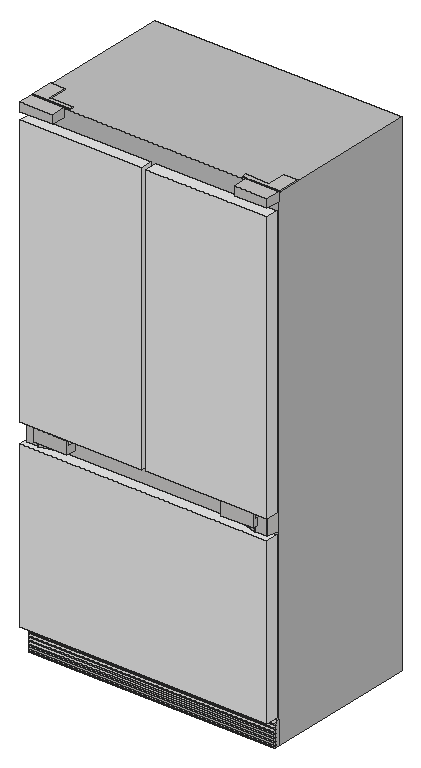
Revit family "FP-Revit20-RS90A1-FrenchDoorFridgeFreezer-0-90005038A-NZ-AU-UK-IE-EU-CN-ASIA", category Specialty Equipment, Revit 2020
Family settings
  Round Connector Dimension = Use Diameter
  Part Type = Normal
  OmniClass Number = 23.40.40.11.11.17
  OmniClass Title = Refrigerator-Freezer
  Work Plane-Based = No
  Always vertical = Yes
  Cut with Voids When Loaded = Yes
  Shared = No
  Room Calculation Point = No
Parameters
  Visibility - Visibility Control Note = yes
  Visibility - Clearance Required = yes
  URL = "www.fisherpaykel.com"
  Stainless Steel Door Panels (RD90A) = no
  Product - Width = 906 mm  # constant formula
  Product - Height = 1798 mm  # constant formula
  Product - Depth = 604 mm  # constant formula
  Model = "RS90AJ1"
  Material - Trim = Fisher & Paykel - Stainless Steel
  Material - Rollers and Feet = Fisher & Paykel - Black
  Material - Door Structure = Fisher & Paykel - White
  Material - Door Front = Fisher & Paykel - Stainless Steel
  Material - Connections = Fisher & Paykel - Black
  Material - Body = Fisher & Paykel - Grey
  Manufacturer = "Fisher & Paykel Appliances"
  Handle Style - Contemporary Square Fine Black (AHD5RD90AB) = no
  Handle Style - Contemporary Square Fine (AHD5RD90A) = no
  Handle Style - Contemporary Square (RS90A) = no
  Handle Style - Contemporary Round (25329 AHS-ASBI-A) = no
  Description = "90cm Integrated French Door Refrigerator Freezer"
  Default Elevation = 0 mm
  Connector Description - Electrical = "230 V, 10 A, fused electrical supply"
  Chassis - Width = 890 mm  # constant formula
  Chassis - Height = 1788 mm  # constant formula
  Chassis - Depth = 561.4 mm  # constant formula
  Cavity - Width = 914 mm  # constant formula
  Cavity - Height = 1800 mm  # constant formula
  Cavity - Depth = 650 mm  # constant formula
Reference planes
  plane 1 "Center (Front/Back)": y = 0
  plane 2: z = 0
  plane 3 "Center (Left/Right)": x = 0
  plane 4 "Product LHS": x = -453
  plane 5 "Product RHS": x = 453
  plane 6 "Cavity - Depth": y = 650
  plane 7 "Cavity LHS": x = -457
  plane 8 "Cavity RHS": x = 457
  plane 9 "Product - Depth": y = 622
  plane 10 "Product Height": z = 1798
  plane 11 "Cavity Height": z = 1800
  plane 12 "Datum": y = 18
Forms (mm)
  Extrusion 1, solid, material "Fisher & Paykel - Grey" <- "Material - Body"
    sketch origin (0, 0, 0) x (0, 1, 0) y (0, 0, 1)
      loop
        line (68.89, 6.6) -> (622, 6.6) -> (622, 1794.6) -> (68.89, 1794.6) -> (68.89, 6.6)
    from -445 to 445
  Extrusion 2, solid, material "Fisher & Paykel - Black" <- "Material - Rollers and Feet"
    sketch origin (0, 0, -4) x (0, 1, 0) y (0, 0, 1)
      loop
        arc (120.09, 10.6) -> (136.133, 4) -> (152.177, 10.6) r 22.8
        line (152.177, 10.6) -> (120.09, 10.6)
      loop
        arc (555.39, 10.6) -> (571.433, 4) -> (587.477, 10.6) r 22.8
        line (587.477, 10.6) -> (555.39, 10.6)
    from 402 to 429
  Extrusion 3, solid, material "Fisher & Paykel - Clearance Required", visible <- "Visibility - Clearance Required", detail levels coarse
    sketch origin (0, 0, 0) x (0, 1, 0) y (0, 0, 1)
      loop
        line (-0.043, 696.43) -> (-359.921, 696.43) -> (-359.921, 631.801) -> (-401.921, 631.801) -> (-401.921, 615.801) -> (-359.921, 615.801) -> (-359.921, 100.03) -> (-0.043, 100.03) -> (-0.043, 696.43)
    from -453 to 453
  Extrusion 4, solid, material "Fisher & Paykel - White" <- "Material - Door Structure"
    sketch origin (0, 0, 0) x (1, 0, 0) y (0, 0, 1)
      loop
        line (-7.74, 1737.6) -> (-445, 1737.6) -> (-445, 763.6) -> (-7.74, 763.6) -> (-7.74, 1737.6)
      loop
        line (7.74, 1737.6) -> (7.74, 763.6) -> (445, 763.6) -> (445, 1737.6) -> (7.74, 1737.6)
      loop
        line (-445, 693.1) -> (-445, 101.1) -> (445, 101.1) -> (445, 693.1) -> (-445, 693.1)
    from -60.6 to -18
  Extrusion 5, solid, material "Fisher & Paykel - White" <- "Material - Door Structure"
    sketch origin (0, 0, 0) x (1, 0, 0) y (0, 0, 1)
      loop
        line (-434.6, 685.2) -> (-434.6, 109) -> (434.6, 109) -> (434.6, 685.2) -> (-434.6, 685.2)
      loop
        line (-13.88, 776) -> (-13.88, 1722.7) -> (-434.58, 1722.7) -> (-434.58, 776) -> (-13.88, 776)
      loop
        line (13.88, 776) -> (434.58, 776) -> (434.58, 1722.7) -> (13.88, 1722.7) -> (13.88, 776)
    from -68.89 to -60.552
  Extrusion 6, solid, material "Fisher & Paykel - Stainless Steel" <- "Material - Trim"
    sketch origin (0, -2, 0) x (1, 0, 0) y (0, 1, 0)
      loop
        line (-441.5, 70.89) -> (-434.782, 36.328)
        arc (-434.782, 36.328) -> (-433.745, 34.585) -> (-431.837, 33.9) r 3
        line (-431.837, 33.9) -> (-393.733, 33.9)
        arc (-393.733, 33.9) -> (-391.738, 34.034) -> (-389.779, 34.431) r 15
        line (-389.779, 34.431) -> (-320.032, 53.491) -> (320.032, 53.491) -> (389.779, 34.431)
        arc (389.779, 34.431) -> (391.738, 34.034) -> (393.733, 33.9) r 15
        line (393.733, 33.9) -> (431.837, 33.9)
        arc (431.837, 33.9) -> (433.745, 34.585) -> (434.782, 36.328) r 3
        line (434.782, 36.328) -> (441.5, 70.89) -> (-441.5, 70.89)
    from 696.967 to 759.03
  Extrusion 7, solid, material "Fisher & Paykel - Stainless Steel" <- "Material - Trim"
    sketch origin (0, -2, 0) x (0, 1, 0) y (0, 0, 1)
      loop
        line (20, 762.6) -> (20, 715.3) -> (70.89, 715.3) -> (70.89, 743.6) -> (25, 743.6) -> (25, 762.6) -> (20, 762.6)
    from 276.67 to 395
  Extrusion 8, solid, material "Fisher & Paykel - Stainless Steel" <- "Material - Trim"
    sketch origin (0, -2, 0) x (0, 1, 0) y (0, 0, -1)
      loop
        line (20, -762.6) -> (25, -762.6) -> (25, -743.6) -> (70.89, -743.6) -> (70.89, -715.3) -> (20, -715.3) -> (20, -762.6)
    from 276.67 to 395
  Extrusion 9, solid, material "Fisher & Paykel - Stainless Steel" <- "Material - Trim"
    sketch origin (0, 0, 0) x (1, 0, 0) y (0, 1, 0)
      loop
        line (-327.17, 18) -> (-327.17, 68.89) -> (-445, 68.89) -> (-445, 18) -> (-327.17, 18)
      loop
        line (445, 18) -> (445, 68.89) -> (327.17, 68.89) -> (327.17, 18) -> (445, 18)
    from 1765.6 to 1797.6
  Extrusion 10, solid, material "Fisher & Paykel - Stainless Steel" <- "Material - Trim", detail levels fine
    sketch origin (0, 0, 0) x (1, 0, 0) y (0, 1, 0)
      loop
        line (-445, 154.61) -> (-445, 73.11) -> (-311.45, 73.11) -> (-311.45, 88.11) -> (-394, 88.11) -> (-394, 154.61) -> (-445, 154.61)
      loop
        line (445, 154.61) -> (394.85, 154.61) -> (394.85, 88.11) -> (311.45, 88.11) -> (311.45, 73.11) -> (445, 73.11) -> (445, 154.61)
    from 1794.6 to 1797.6
  Extrusion 11, solid, material "Fisher & Paykel - Black" <- "Material - Rollers and Feet", detail levels fine
    sketch origin (0, 0, -4) x (0, 1, 0) y (0, 0, -1)
      loop
        line (120.09, -10.6) -> (152.177, -10.6)
        arc (152.177, -10.6) -> (136.133, -4) -> (120.09, -10.6) r 22.8
      loop
        line (555.39, -10.6) -> (587.477, -10.6)
        arc (587.477, -10.6) -> (571.433, -4) -> (555.39, -10.6) r 22.8
    from 402 to 429
  Extrusion 12, solid, material "Fisher & Paykel - Stainless Steel" <- "Material - Trim", detail levels fine
    sketch origin (0, -2, 0) x (0, 1, 0) y (0, 0, 1)
      loop
        line (24.91, 101.1) -> (24.91, 94.1) -> (50.15, 94.1) -> (50.15, 101.1) -> (24.91, 101.1)
    from -20.67 to 20.7
  Extrusion 13, solid, material "Fisher & Paykel - Stainless Steel" <- "Material - Trim", detail levels fine
    sketch origin (0, -2, 0) x (0, 1, 0) y (0, 0, 1)
      loop
        line (70.89, 90.613) -> (53.491, 85.951) -> (53.491, 81.639) -> (61.43, 81.639) -> (61.43, 75.465) -> (53.491, 73.338) -> (53.491, 69.031) -> (61.43, 69.031) -> (61.43, 62.857) -> (53.491, 60.73) -> (53.491, 56.423) -> (61.43, 56.423) -> (61.43, 50.254) -> (53.491, 48.127) -> (53.491, 43.821) -> (61.43, 43.821) -> (61.43, 37.652) -> (53.491, 35.525) -> (53.491, 31.218) -> (61.43, 31.218) -> (61.43, 25.049) -> (53.491, 22.922) -> (53.491, 18.585) -> (61.43, 18.585) -> (61.43, 12.447) -> (53.491, 10.32) -> (53.491, 6.6) -> (70.89, 6.6) -> (70.89, 90.613)
    from -445 to 445
  Extrusion 14, solid, material "Fisher & Paykel - Stainless Steel" <- "Material - Trim", detail levels coarse+medium
    sketch origin (0, -2, 0) x (0, 1, 0) y (0, 0, 1)
      loop
        line (70.89, 90.613) -> (53.491, 85.951) -> (53.491, 6.6) -> (70.89, 6.6) -> (70.89, 90.613)
    from -445 to 445
  Extrusion 15, void
    sketch origin (0, -2000, 0) x (1, 0, 0) y (0, 1, 0)
      loop
        line (-386.5, 2622) -> (-386.5, 2068.89) -> (386.5, 2068.89) -> (386.5, 2622) -> (-386.5, 2622)
    from 6.6 to 56.423
  Extrusion 16, solid, material "Fisher & Paykel - Stainless Steel" <- "Material - Door Front", visible <- "Stainless Steel Door Panels (RD90A)"
    sketch origin (0, 0, 0) x (1, 0, 0) y (0, 0, 1)
      loop
        line (-453, 696.43) -> (-453, 100.03) -> (453, 100.03) -> (453, 696.43) -> (-453, 696.43)
      loop
        line (-453, 700.43) -> (-2, 700.43) -> (-2, 1796.43) -> (-453, 1796.43) -> (-453, 700.43)
      loop
        line (2, 1796.43) -> (2, 700.43) -> (453, 700.43) -> (453, 1796.43) -> (2, 1796.43)
    from -18 to 0.043
  Extrusion 17, void
    sketch origin (0, -2, 0) x (1, 0, 0) y (0, 1, 0)
      loop
        arc (445, 57.948) -> (443.695, 54.796) -> (440.543, 53.491) r 4.457
        line (440.543, 53.491) -> (445, 53.491) -> (445, 57.948)
      loop
        line (-445, 57.948) -> (-445, 53.491) -> (-440.543, 53.491)
        arc (-440.543, 53.491) -> (-443.695, 54.796) -> (-445, 57.948) r 4.457
    from 6.6 to 100.03
  Extrusion 18, solid, material "Fisher & Paykel - Clearance Required", visible <- "Visibility - Clearance Required", detail levels coarse
    sketch origin (0, 0, 0) x (1, 0, 0) y (0, 1, 0)
      loop
        line (-457, 650) -> (-457, 18) -> (457, 18) -> (457, 650) -> (-457, 650)
    from 0 to 1800
  Extrusion 19, solid, material "Fisher & Paykel - Clearance Required", visible <- "Visibility - Clearance Required", detail levels coarse
    sketch origin (0, 0, 0) x (1, 0, 0) y (0, 1, 0)
      loop
        line (-453, -0.043) -> (-610.872, -338.602) -> (-647.125, -321.697) -> (-653.73, -335.861) -> (-617.477, -352.766) -> (-643.601, -408.788)
        arc (-643.601, -408.788) -> (-210.678, -380.413) -> (-2, -0.043) r 451
        line (-2, -0.043) -> (-453, -0.043)
      loop
        line (453, -0.043) -> (2, -0.043)
        arc (2, -0.043) -> (210.678, -380.413) -> (643.601, -408.788) r 451
        line (643.601, -408.788) -> (617.477, -352.766) -> (653.73, -335.861) -> (647.125, -321.697) -> (610.872, -338.602) -> (453, -0.043)
    from 700.43 to 1800
  Extrusion 20, void
    sketch origin (0, 0, 0) x (1, 0, 0) y (0, 0, 1)
      loop
        line (275, 69.031) -> (275, 200) -> (0, 200) -> (0, 69.031) -> (275, 69.031)
      loop
        circle (225, 135) r 3
      loop
        circle (50, 135) r 3
    from -622 to -620
  Extrusion 21, void
    sketch origin (0, 0, 0) x (1, 0, 0) y (0, 1, 0)
      loop
        line (-457, 650) -> (-457, 0) -> (457, 0) -> (457, 650) -> (-457, 650)
    from 0 to 1800
Cuts and joins
  Extrusion 15, Extrusion 20 cuts Extrusion 1
  Extrusion 17 cuts Extrusion 13
  Extrusion 17 cuts Extrusion 14
  joined: Extrusion 6, Extrusion 7, Extrusion 8
Lines and regions (mm)
  model lines, style "Fisher & Paykel"
    curve 1: line (-453, 18, 1796.43) -> (-2, 18, 1796.43)
    curve 2: line (-453, 18, 700.43) -> (-453, 18, 1796.43)
    curve 3: line (-2, 18, 700.43) -> (-453, 18, 700.43)
    curve 4: line (-2, 18, 1796.43) -> (-2, 18, 700.43)
    curve 5: line (2, 18, 700.43) -> (453, 18, 700.43)
    curve 6: line (2, 18, 1796.43) -> (2, 18, 700.43)
    curve 7: line (453, 18, 1796.43) -> (2, 18, 1796.43)
    curve 8: line (453, 18, 700.43) -> (453, 18, 1796.43)
    curve 9: line (-453, 18, 696.43) -> (453, 18, 696.43)
    curve 10: line (-453, 18, 100.03) -> (-453, 18, 696.43)
    curve 11: line (453, 18, 100.03) -> (-453, 18, 100.03)
    curve 12: line (453, 18, 696.43) -> (453, 18, 100.03)
Text (mm)
  text "Due to ongoing product development, product details are subject to change without notice. \nPlease always refer to www.fisherpaykel.com for the most current product information. \n© Fisher & Paykel 2020" at (41.04, -527.568, 0), in view "Ref. Level (Plan)"
Dimensions and locks
  equal spacing: plane 4 "Product LHS", plane 3 "Center (Left/Right)", plane 5 "Product RHS"
  "Product - Width": plane 4 "Product LHS" to plane 5 "Product RHS"
  "Cavity - Depth": plane 1 "Center (Front/Back)" to plane 6 "Cavity - Depth"
  equal spacing: plane 7 "Cavity LHS", plane 3 "Center (Left/Right)", plane 8 "Cavity RHS"
  "Cavity - Width": plane 7 "Cavity LHS" to plane 8 "Cavity RHS"
  "Product - Height": level to plane 10 "Product Height"
  "Cavity - Height": plane 11 "Cavity Height" to level
  "Chassis - Height": Extrusion 1 to Extrusion 1
  Extrusion 12 to Extrusion 14 = 94.5 mm
  locked: plane 1 "Center (Front/Back)" to plane 12 "Datum" at 18
  "Product - Depth": plane 9 "Product - Depth" to plane 12 "Datum"
  equal spacing: cut or joined group of Extrusion 1, Extrusion 15, Extrusion 20, plane 3 "Center (Left/Right)", cut or joined group of Extrusion 1, Extrusion 15, Extrusion 20  (x2)
  "Chassis - Width": cut or joined group of Extrusion 1, Extrusion 15, Extrusion 20 to cut or joined group of Extrusion 1, Extrusion 15, Extrusion 20
  aligned and locked: level to plane 2
  aligned and locked: Extrusion 17 to Extrusion 2
  aligned and locked: plane 9 "Product - Depth" to Extrusion 1
  aligned and locked: cut or joined group of Extrusion 1, Extrusion 15, Extrusion 20 to Extrusion 13
  aligned and locked: cut or joined group of Extrusion 1, Extrusion 15, Extrusion 20 to Extrusion 14
  aligned and locked: Extrusion 14 to cut or joined group of Extrusion 1, Extrusion 15, Extrusion 20
  aligned and locked: Extrusion 13 to cut or joined group of Extrusion 1, Extrusion 15, Extrusion 20
  aligned and locked: Extrusion 10 sketch curve to cut or joined group of Extrusion 1, Extrusion 15, Extrusion 20
  aligned and locked: Extrusion 4 sketch curve to cut or joined group of Extrusion 1, Extrusion 15, Extrusion 20  (x2)
  aligned and locked: Extrusion 4 sketch curve to Extrusion 4 sketch curve
  aligned and locked: cut or joined group of Extrusion 1, Extrusion 15, Extrusion 20 to Extrusion 4 sketch curve
  aligned and locked: Extrusion 17 sketch curve to cut or joined group of Extrusion 13, Extrusion 17
  aligned and locked: Extrusion 9 to Extrusion 17 sketch curve
  aligned and locked: Extrusion 17 sketch curve to Extrusion 9
  aligned and locked: plane 9 "Product - Depth" to Extrusion 20
Automatic sketch dimensions
  Extrusion 1 sketch curve to plane 9 "Product - Depth" = 0 mm
  level to Extrusion 1 sketch curve = 6.6 mm
  Extrusion 1 sketch curve to plane 12 "Datum" = 50.89 mm
  plane 10 "Product Height" to Extrusion 1 sketch curve = 3.4 mm
  level to Extrusion 2 sketch curve = 6.6 mm  (x2)
  Extrusion 2 sketch curve to plane 12 "Datum" = 102.09 mm
  Extrusion 2 sketch curve to Extrusion 2 sketch curve = 16.044 mm  (x2)
  Extrusion 2 sketch curve to plane 9 "Product - Depth" = 66.61 mm
  level to Extrusion 2 sketch curve = 22.8 mm  (x2)
  plane 1 "Center (Front/Back)" to Extrusion 3 sketch curve = 401.921 mm
  Extrusion 3 sketch curve to Extrusion 3 sketch curve = 42 mm
  level to Extrusion 3 sketch curve = 100.03 mm
  plane 1 "Center (Front/Back)" to Extrusion 3 sketch curve = 359.921 mm
  plane 1 "Center (Front/Back)" to Extrusion 3 sketch curve = 0.043 mm
  Extrusion 3 sketch curve to Extrusion 3 sketch curve = 515.771 mm
  Extrusion 3 sketch curve to Extrusion 3 sketch curve = 16 mm
  Extrusion 3 sketch curve to Extrusion 3 sketch curve = 64.629 mm
  Extrusion 4 sketch curve to plane 3 "Center (Left/Right)" = 7.74 mm
  plane 3 "Center (Left/Right)" to Extrusion 4 sketch curve = 7.74 mm
  level to Extrusion 4 sketch curve = 101.1 mm
  Extrusion 4 sketch curve to Extrusion 4 sketch curve = 592 mm
  Extrusion 4 sketch curve to Extrusion 4 sketch curve = 70.5 mm
  Extrusion 4 sketch curve to Extrusion 4 sketch curve = 0 mm
  plane 10 "Product Height" to Extrusion 4 sketch curve = 60.4 mm  (x2)
  Extrusion 5 sketch curve to plane 4 "Product LHS" = 18.4 mm
  Extrusion 5 sketch curve to plane 4 "Product LHS" = 18.42 mm
  Extrusion 5 sketch curve to plane 3 "Center (Left/Right)" = 13.88 mm
  plane 3 "Center (Left/Right)" to Extrusion 5 sketch curve = 13.88 mm
  plane 5 "Product RHS" to Extrusion 5 sketch curve = 18.42 mm
  plane 5 "Product RHS" to Extrusion 5 sketch curve = 18.4 mm
  level to Extrusion 5 sketch curve = 109 mm
  Extrusion 5 sketch curve to Extrusion 5 sketch curve = 576.2 mm
  Extrusion 5 sketch curve to Extrusion 5 sketch curve = 90.8 mm
  Extrusion 5 sketch curve to Extrusion 5 sketch curve = 0 mm  (x2)
  plane 10 "Product Height" to Extrusion 5 sketch curve = 75.3 mm
  Extrusion 6 sketch curve to plane 4 "Product LHS" = 11.5 mm
  Extrusion 6 sketch curve to plane 4 "Product LHS" = 18.218 mm
  Extrusion 6 sketch curve to Extrusion 6 sketch curve = 2.945 mm  (x2)
  Extrusion 6 sketch curve to plane 12 "Datum" = 13.9 mm
  Extrusion 6 sketch curve to Extrusion 6 sketch curve = 38.104 mm
  Extrusion 6 sketch curve to plane 12 "Datum" = 14.431 mm  (x2)
  Extrusion 6 sketch curve to Extrusion 6 sketch curve = 3.954 mm  (x2)
  Extrusion 6 sketch curve to plane 12 "Datum" = 33.491 mm
  Extrusion 6 sketch curve to Extrusion 6 sketch curve = 69.747 mm
  plane 5 "Product RHS" to Extrusion 6 sketch curve = 132.968 mm
  plane 5 "Product RHS" to Extrusion 6 sketch curve = 63.221 mm
  plane 5 "Product RHS" to Extrusion 6 sketch curve = 21.163 mm
  plane 5 "Product RHS" to Extrusion 6 sketch curve = 11.5 mm
  Extrusion 6 sketch curve to plane 1 "Center (Front/Back)" = 31.9 mm
  Extrusion 6 sketch curve to Extrusion 6 sketch curve = 2.428 mm  (x2)
  Extrusion 6 sketch curve to Extrusion 6 sketch curve = 34.562 mm
  Extrusion 7 sketch curve to plane 12 "Datum" = 0 mm
  Extrusion 7 sketch curve to Extrusion 7 sketch curve = 5 mm
  Extrusion 7 sketch curve to Extrusion 7 sketch curve = 50.89 mm
  level to Extrusion 7 sketch curve = 715.3 mm
  Extrusion 7 sketch curve to Extrusion 7 sketch curve = 28.3 mm
  Extrusion 7 sketch curve to Extrusion 7 sketch curve = 19 mm
  Extrusion 8 sketch curve to plane 12 "Datum" = 0 mm
  Extrusion 8 sketch curve to Extrusion 8 sketch curve = 5 mm
  Extrusion 8 sketch curve to Extrusion 8 sketch curve = 50.89 mm
  level to Extrusion 8 sketch curve = 762.6 mm
  Extrusion 8 sketch curve to Extrusion 8 sketch curve = 19 mm
  Extrusion 8 sketch curve to Extrusion 8 sketch curve = 28.3 mm
  plane 12 "Datum" to Extrusion 9 sketch curve = 0 mm  (x2)
  Extrusion 9 sketch curve to plane 4 "Product LHS" = 8 mm
  Extrusion 9 sketch curve to plane 12 "Datum" = 50.89 mm  (x2)
  Extrusion 9 sketch curve to Extrusion 9 sketch curve = 117.83 mm
  plane 5 "Product RHS" to Extrusion 9 sketch curve = 125.83 mm
  plane 5 "Product RHS" to Extrusion 9 sketch curve = 8 mm
  Extrusion 10 sketch curve to Extrusion 10 sketch curve = 51 mm
  Extrusion 10 sketch curve to Extrusion 10 sketch curve = 82.55 mm
  Extrusion 10 sketch curve to plane 12 "Datum" = 55.11 mm  (x2)
  plane 5 "Product RHS" to Extrusion 10 sketch curve = 141.55 mm
  plane 5 "Product RHS" to Extrusion 10 sketch curve = 58.15 mm
  plane 5 "Product RHS" to Extrusion 10 sketch curve = 8 mm
  Extrusion 10 sketch curve to Extrusion 10 sketch curve = 15 mm  (x2)
  Extrusion 10 sketch curve to Extrusion 10 sketch curve = 66.5 mm  (x2)
  level to Extrusion 11 sketch curve = 6.6 mm  (x2)
  Extrusion 11 sketch curve to plane 12 "Datum" = 102.09 mm
  Extrusion 11 sketch curve to Extrusion 11 sketch curve = 16.044 mm  (x2)
  Extrusion 11 sketch curve to plane 9 "Product - Depth" = 66.61 mm
  level to Extrusion 11 sketch curve = 22.8 mm  (x2)
  Extrusion 12 sketch curve to plane 12 "Datum" = 4.91 mm
  Extrusion 12 sketch curve to Extrusion 12 sketch curve = 25.24 mm
  level to Extrusion 12 sketch curve = 94.1 mm
  Extrusion 12 sketch curve to Extrusion 12 sketch curve = 7 mm
  Extrusion 13 sketch curve to plane 12 "Datum" = 33.491 mm  (x3)
  level to Extrusion 13 sketch curve = 6.6 mm
  Extrusion 13 sketch curve to Extrusion 13 sketch curve = 0 mm  (x8)
  Extrusion 13 sketch curve to Extrusion 13 sketch curve = 7.939 mm  (x2)
  Extrusion 13 sketch curve to Extrusion 13 sketch curve = 9.46 mm
  Extrusion 13 sketch curve to Extrusion 13 sketch curve = 3.72 mm
  Extrusion 13 sketch curve to Extrusion 13 sketch curve = 2.127 mm
  Extrusion 13 sketch curve to Extrusion 13 sketch curve = 8.266 mm
  Extrusion 13 sketch curve to Extrusion 13 sketch curve = 4.337 mm
  Extrusion 13 sketch curve to Extrusion 13 sketch curve = 6.464 mm
  Extrusion 13 sketch curve to Extrusion 13 sketch curve = 6.169 mm  (x3)
  Extrusion 13 sketch curve to Extrusion 13 sketch curve = 4.306 mm  (x4)
  Extrusion 13 sketch curve to Extrusion 13 sketch curve = 6.433 mm  (x4)
  Extrusion 13 sketch curve to Extrusion 13 sketch curve = 6.175 mm  (x2)
  Extrusion 13 sketch curve to Extrusion 13 sketch curve = 4.312 mm
  Extrusion 13 sketch curve to Extrusion 13 sketch curve = 8.974 mm
  Extrusion 14 sketch curve to plane 12 "Datum" = 33.491 mm
  level to Extrusion 14 sketch curve = 6.6 mm
  Extrusion 14 sketch curve to Extrusion 14 sketch curve = 17.399 mm
  Extrusion 14 sketch curve to Extrusion 14 sketch curve = 79.351 mm
  Extrusion 14 sketch curve to Extrusion 14 sketch curve = 4.662 mm
  Extrusion 15 sketch curve to plane 9 "Product - Depth" = 0 mm
  Extrusion 15 sketch curve to plane 4 "Product LHS" = 66.5 mm
  plane 5 "Product RHS" to Extrusion 15 sketch curve = 66.5 mm
  Extrusion 15 sketch curve to plane 12 "Datum" = 50.89 mm
  plane 4 "Product LHS" to Extrusion 16 sketch curve = 0 mm  (x2)
  plane 5 "Product RHS" to Extrusion 16 sketch curve = 0 mm  (x2)
  Extrusion 16 sketch curve to plane 3 "Center (Left/Right)" = 2 mm
  plane 3 "Center (Left/Right)" to Extrusion 16 sketch curve = 2 mm
  level to Extrusion 16 sketch curve = 100.03 mm
  Extrusion 16 sketch curve to Extrusion 16 sketch curve = 596.4 mm
  Extrusion 16 sketch curve to Extrusion 16 sketch curve = 4 mm
  Extrusion 16 sketch curve to Extrusion 16 sketch curve = 0 mm
  plane 10 "Product Height" to Extrusion 16 sketch curve = 1.57 mm  (x2)
  Extrusion 17 sketch curve to Extrusion 17 sketch curve = 4.457 mm  (x2)
  Extrusion 17 sketch curve to plane 12 "Datum" = 33.491 mm
  Extrusion 18 sketch curve to plane 7 "Cavity LHS" = 0 mm
  Extrusion 18 sketch curve to plane 8 "Cavity RHS" = 0 mm
  plane 12 "Datum" to Extrusion 18 sketch curve = 0 mm
  plane 6 "Cavity - Depth" to Extrusion 18 sketch curve = 0 mm
  Extrusion 19 sketch curve to plane 4 "Product LHS" = 0 mm  (x2)
  Extrusion 19 sketch curve to plane 5 "Product RHS" = 0 mm  (x2)
  plane 7 "Cavity LHS" to Extrusion 19 sketch curve = 153.872 mm
  Extrusion 19 sketch curve to Extrusion 19 sketch curve = 6.605 mm  (x3)
  Extrusion 19 sketch curve to Extrusion 19 sketch curve = 26.124 mm
  Extrusion 19 sketch curve to Extrusion 19 sketch curve = 36.252 mm  (x2)
  plane 1 "Center (Front/Back)" to Extrusion 19 sketch curve = 0.043 mm  (x2)
  Extrusion 19 sketch curve to plane 3 "Center (Left/Right)" = 2 mm
  plane 3 "Center (Left/Right)" to Extrusion 19 sketch curve = 2 mm
  Extrusion 19 sketch curve to plane 8 "Cavity RHS" = 153.872 mm
  plane 1 "Center (Front/Back)" to Extrusion 19 sketch curve = 408.788 mm
  plane 1 "Center (Front/Back)" to Extrusion 19 sketch curve = 335.861 mm
  Extrusion 20 sketch curve to plane 3 "Center (Left/Right)" = 0 mm
  plane 3 "Center (Left/Right)" to Extrusion 20 sketch curve = 50 mm
  Extrusion 20 sketch curve to Extrusion 20 sketch curve = 175 mm
  Extrusion 20 sketch curve to Extrusion 20 sketch curve = 50 mm
  level to Extrusion 20 sketch curve = 69.031 mm
  Extrusion 20 sketch curve to Extrusion 20 sketch curve = 65.969 mm  (x2)
  Extrusion 20 sketch curve to Extrusion 20 sketch curve = 65 mm
  Extrusion 21 sketch curve to plane 7 "Cavity LHS" = 0 mm
  Extrusion 21 sketch curve to plane 8 "Cavity RHS" = 0 mm
  plane 12 "Datum" to Extrusion 21 sketch curve = 18 mm
  plane 6 "Cavity - Depth" to Extrusion 21 sketch curve = 0 mm
  plane 4 "Product LHS" to curve 1 = 0 mm
  plane 5 "Product RHS" to curve 8 = 0 mm
  plane 4 "Product LHS" to curve 9 = 0 mm
  plane 5 "Product RHS" to curve 9 = 0 mm
  plane 10 "Product Height" to curve 1 = 1.57 mm
  plane 10 "Product Height" to curve 8 = 1.57 mm
  level to curve 5 = 700.43 mm
  curve 4 to plane 3 "Center (Left/Right)" = 2 mm
  curve 4 to curve 5 = 0 mm
  curve 2 to curve 9 = 4 mm
  level to curve 11 = 100.03 mm
  plane 3 "Center (Left/Right)" to curve 7 = 2 mm
  radius of Extrusion 20 sketch curve = 3 mm  (x2)
Nested families
  nested 1: "F&P Handle Kit - Contemporary Square - Horizontal" at (0, 0, 623.802), visible <- "Handle Style - Contemporary Square (RS90A)", type "RS90A - Contemporary square handle (2 of 2) (Horizontal) 746mm"
  nested 2: "F&P Handle Kit - Contemporary Square - Vertical" at (67.3, 0, 1128.5), visible <- "Handle Style - Contemporary Square (RS90A)", type "RS90A - Contemporary square handle (1 of 2) (Vertical) 727mm"
  nested 3: "F&P Handle Kit - Contemporary Square - Vertical" at (-67.3, 0, 1128.5), visible <- "Handle Style - Contemporary Square (RS90A)", type "RS90A - Contemporary square handle (1 of 2) (Vertical) 727mm"
  nested 4: "Comment Marker 2D" at (0, 95.815, 0), visible <- "Visibility - Visibility Control Note", type "Active"
  nested 5: "F&P Handle Kit - Contemporary Round - Horizontal" at (0, -0.043, 623.78), visible <- "Handle Style - Contemporary Round (25329 AHS-ASBI-A)", type "25329 AHS-ASBI-A - Contemporary round handle (2 of 2) (Horizontal) 746mm"
  nested 6: "F&P Handle Kit - Contemporary Round - Vertical" at (-67.3, -0.043, 1128.5), visible <- "Handle Style - Contemporary Round (25329 AHS-ASBI-A)", type "25329 AHS-ASBI-A - Contemporary round handle (1 of 2) (Vertical) 727mm"
  nested 7: "F&P Handle Kit - Contemporary Square Fine - Horizontal" at (0, -0.043, 623.78), visible <- "Handle Style - Contemporary Square Fine (AHD5RD90A)", type "AHD5RD90A - Contemporary square fine handle (2 of 2) (Horizontal) 746mm"
  nested 8: "F&P Handle Kit - Contemporary Square Fine - Horizontal" at (0, -0.043, 623.78), visible <- "Handle Style - Contemporary Square Fine Black (AHD5RD90AB)", type "AHD5RD90AB - Contemporary square fine black handle (2 of 2) (Horizontal) 746mm"
  nested 9: "F&P Handle Kit - Contemporary Square Fine - Vertical" at (-67.3, -0.043, 1128.5), visible <- "Handle Style - Contemporary Square Fine (AHD5RD90A)", type "AHD5RD90A - Contemporary square fine handle (1 of 2) (Vertical) 727mm"
  nested 10: "F&P Handle Kit - Contemporary Square Fine - Vertical" at (-67.3, -0.043, 1128.5), visible <- "Handle Style - Contemporary Square Fine Black (AHD5RD90AB)", type "AHD5RD90AB - Contemporary square fine black handle (1 of 2) (Vertical) 727mm"
  nested 11: "F&P Handle Kit - Contemporary Round - Vertical" at (67.3, -0.043, 1128.5), visible <- "Handle Style - Contemporary Round (25329 AHS-ASBI-A)", type "25329 AHS-ASBI-A - Contemporary round handle (1 of 2) (Vertical) 727mm"
  nested 12: "F&P Handle Kit - Contemporary Square Fine - Vertical" at (67.3, -0.043, 1128.5), visible <- "Handle Style - Contemporary Square Fine (AHD5RD90A)", type "AHD5RD90A - Contemporary square fine handle (1 of 2) (Vertical) 727mm"
  nested 13: "F&P Handle Kit - Contemporary Square Fine - Vertical" at (67.3, -0.043, 1128.5), visible <- "Handle Style - Contemporary Square Fine Black (AHD5RD90AB)", type "AHD5RD90AB - Contemporary square fine black handle (1 of 2) (Vertical) 727mm"
Connectors
  electrical at (50, 622, 135), driven by "Connector Description - Electrical"
    settings: on cut or joined group of Extrusion 1, Extrusion 15, Extrusion 20, index 1, voltage 230 V, apparent load 0 VA, apparent load phase1 0 VA, apparent load phase2 0 VA, apparent load phase3 0 VA, power factor 1, load classification "Other", number of poles 1, system type 30, power factor state 1, is connector primary yes, connector utility no, sub classification motor no, connector description "230 V, 10 A, fused electrical supply"
Definition of nested family "F&P Handle Kit - Contemporary Square - Horizontal"
  Parameters (values of type "RS90A - Contemporary square handle (2 of 2) (Horizontal) 746mm")
    URL = "www.fisherpaykel.com"
    Material - Handle = none
    Manufacturer = "Fisher & Paykel Appliances"
    Handle - Length = 746 mm
    Default Elevation = 0 mm
  Types (9, lengths in mm): name | Handle - Length
    (no name) | 746
    AHD3RD2484W - Contemporary square handle (2 of 2) (Horizontal) 494mm | 494
    AHD3RD3084W - Contemporary square handle (2 of 2) (Horizontal) 646mm | 646
    AHD3RS3272A - Contemporary square handle (2 of 2) (Horizontal) 646mm | 646
    AHD3RS80A - Contemporary square handle (2 of 2) (Horizontal) 646mm | 646
    AHD3RD6121W - Contemporary square handle (2 of 2) (Horizontal) 494mm | 494
    AHD3RD7621W - Contemporary square handle (2 of 2) (Horizontal) 646mm | 646
    RS36A - Contemporary square handle (2 of 2) (Horizontal) 746mm | 746
    RS90A - Contemporary square handle (2 of 2) (Horizontal) 746mm | 746
  Reference planes
    plane 1 "Center (Front/Back)": y = 0
    plane 2: z = 0
    plane 3 "Center (Left/Right)": x = 0
    plane 4 "Product LHS": x = -373
    plane 5 "Product RHS": x = 373
    plane 6 "LHS Standoff": x = -252.995
    plane 7 "RHS Standoff": x = 253.005
  Forms (mm)
    Extrusion 1, solid, material <- "Material - Handle", detail levels fine
      sketch origin (0, 0, 0) x (0, 1, 0) y (0, 0, 1)
        loop
          arc (-28.701, 7.561) -> (-29.057, 7.868) -> (-29.514, 7.978) r 1
          line (-29.514, 7.978) -> (-40.5, 7.978)
          arc (-40.5, 7.978) -> (-41.561, 7.539) -> (-42, 6.478) r 1.5
          line (-42, 6.478) -> (-42, -6.522)
          arc (-42, -6.522) -> (-41.561, -7.583) -> (-40.5, -8.022) r 1.5
          line (-40.5, -8.022) -> (-29.487, -8.022)
          arc (-29.487, -8.022) -> (-29.029, -7.911) -> (-28.673, -7.602) r 1
          arc (-28.673, -7.602) -> (-26.256, -0.016) -> (-28.701, 7.561) r 13.038
      from -373 to 373
    Extrusion 2, solid, material <- "Material - Handle", detail levels fine
      sketch origin (0, 0, 0) x (0, 1, 0) y (0, 0, 1)
        loop
          arc (-28.23, 7.062) -> (-26.156, 0.008) -> (-28.198, -7.056) r 13.136
          arc (-28.198, -7.056) -> (-28.21, -7.463) -> (-27.86, -7.67) r 0.4
          line (-27.86, -7.67) -> (0, -7.67) -> (0, 7.678) -> (-27.893, 7.678)
          arc (-27.893, 7.678) -> (-28.244, 7.47) -> (-28.23, 7.062) r 0.4
      from 253.005 to 373
    Extrusion 3, solid, material <- "Material - Handle", detail levels fine
      sketch origin (0, 0, 0) x (0, 1, 0) y (0, 0, -1)
        loop
          arc (-28.23, -7.062) -> (-28.244, -7.47) -> (-27.893, -7.678) r 0.4
          line (-27.893, -7.678) -> (0, -7.678) -> (0, 7.67) -> (-27.86, 7.67)
          arc (-27.86, 7.67) -> (-28.21, 7.463) -> (-28.198, 7.056) r 0.4
          arc (-28.198, 7.056) -> (-26.156, -0.008) -> (-28.23, -7.062) r 13.136
      from 252.995 to 373
    Sweep 4, void
      path in 3D
        loop
          line (373, -29.514, 7.978) -> (373, -40.5, 7.978)
          arc (373, -40.5, 7.978) -> (373, -41.561, 7.539) -> (373, -42, 6.478) r 1.5
          line (373, -42, 6.478) -> (373, -42, -6.522)
          arc (373, -42, -6.522) -> (373, -41.561, -7.583) -> (373, -40.5, -8.022) r 1.5
          line (373, -40.5, -8.022) -> (373, -29.487, -8.022)
      profile origin (373, -35.007, 7.978) x (1, 0, 0) y (0, 0, 1)
        loop
          line (0, 0) -> (-1.3, 0) -> (0, -1.3) -> (0, 0)
    Sweep 5, void
      path in 3D
        loop
          line (-373, -29.487, -8.022) -> (-373, -40.5, -8.022)
          arc (-373, -40.5, -8.022) -> (-373, -41.561, -7.583) -> (-373, -42, -6.522) r 1.5
          line (-373, -42, -6.522) -> (-373, -42, 6.478)
          arc (-373, -42, 6.478) -> (-373, -41.561, 7.539) -> (-373, -40.5, 7.978) r 1.5
          line (-373, -40.5, 7.978) -> (-373, -29.514, 7.978)
      profile origin (-373, -35.007, 7.978) x (-1, 0, 0) y (0, 0, 1)
        loop
          line (0, 0) -> (-1.3, 0) -> (0, -1.3) -> (0, 0)
    Extrusion 6, void
      sketch origin (0, 0, 0) x (1, 0, 0) y (0, 0, 1)
        loop
          line (373, 7.978) -> (371.7, 7.978) -> (373, 6.678) -> (373, 7.978)
        loop
          line (373, -8.022) -> (373, -6.722) -> (371.7, -8.022) -> (373, -8.022)
      from 0 to 40
    Extrusion 7, void
      sketch origin (0, 0, 0) x (1, 0, 0) y (0, 0, 1)
        loop
          line (-373, 7.978) -> (-373, 6.678) -> (-371.7, 7.978) -> (-373, 7.978)
        loop
          line (-373, -8.022) -> (-371.7, -8.022) -> (-373, -6.722) -> (-373, -8.022)
      from 0 to 40
    Extrusion 8, solid, material <- "Material - Handle", detail levels coarse+medium
      sketch origin (0, 0, 0) x (1, 0, 0) y (0, 1, 0)
        loop
          line (-373, -42) -> (373, -42) -> (373, 0) -> (253.005, 0) -> (253.005, -26.156) -> (-252.995, -26.156) -> (-252.995, 0) -> (-373, 0) -> (-373, -42)
      from -8.022 to 7.978
  Cuts and joins
    Sweep 4, Sweep 5, Extrusion 6, Extrusion 7 cuts Extrusion 1
    Extrusion 6 cuts Extrusion 2
    Extrusion 7 cuts Extrusion 3
  Lines and regions (mm)
    sketch lines
      curve 1: line (373, -29.514, 7.978) -> (373, -40.5, 7.978)
      curve 2: arc (373, -42, 6.478) -> (373, -41.561, 7.539) -> (373, -40.5, 7.978) r 1.5
      curve 3: line (373, -42, 6.478) -> (373, -42, -6.522)
      curve 4: arc (373, -40.5, -8.022) -> (373, -41.561, -7.583) -> (373, -42, -6.522) r 1.5
      curve 5: line (373, -40.5, -8.022) -> (373, -29.487, -8.022)
      curve 6: line (-373, -40.5, 7.978) -> (-373, -29.514, 7.978)
      curve 7: arc (-373, -40.5, 7.978) -> (-373, -41.561, 7.539) -> (-373, -42, 6.478) r 1.5
      curve 8: line (-373, -42, -6.522) -> (-373, -42, 6.478)
      curve 9: arc (-373, -42, -6.522) -> (-373, -41.561, -7.583) -> (-373, -40.5, -8.022) r 1.5
      curve 10: line (-373, -29.487, -8.022) -> (-373, -40.5, -8.022)
  Dimensions and locks
    equal spacing: plane 4 "Product LHS", plane 3 "Center (Left/Right)", plane 5 "Product RHS"
    "Handle - Length": plane 4 "Product LHS" to plane 5 "Product RHS"
    locked: plane 4 "Product LHS" to plane 6 "LHS Standoff" at 120.005
    locked: plane 7 "RHS Standoff" to plane 5 "Product RHS" at 119.995
    aligned and locked: level to plane 2
    aligned and locked: Extrusion 1 to plane 5 "Product RHS"
    aligned and locked: plane 4 "Product LHS" to Extrusion 1
    aligned and locked: Extrusion 2 to plane 5 "Product RHS"
    aligned and locked: plane 4 "Product LHS" to Extrusion 3
    aligned and locked: plane 4 "Product LHS" to Extrusion 8 sketch curve
    aligned and locked: Extrusion 8 sketch curve to plane 5 "Product RHS"
    aligned and locked: Extrusion 8 sketch curve to plane 7 "RHS Standoff"
    aligned and locked: plane 6 "LHS Standoff" to Extrusion 8 sketch curve
    aligned and locked: Extrusion 2 to plane 7 "RHS Standoff"
    aligned and locked: plane 6 "LHS Standoff" to Extrusion 3
  Automatic sketch dimensions
    Extrusion 1 sketch curve to level = 6.522 mm
    plane 1 "Center (Front/Back)" to Extrusion 1 sketch curve = 42 mm
    Extrusion 1 sketch curve to Extrusion 1 sketch curve = 1.5 mm  (x2)
    Extrusion 1 sketch curve to level = 0.04 mm
    Extrusion 1 sketch curve to Extrusion 1 sketch curve = 1.206 mm
    level to Extrusion 1 sketch curve = 6.978 mm
    Extrusion 1 sketch curve to Extrusion 1 sketch curve = 10.986 mm
    Extrusion 1 sketch curve to Extrusion 1 sketch curve = 11.013 mm
    Extrusion 1 sketch curve to Extrusion 1 sketch curve = 1 mm
    level to Extrusion 1 sketch curve = 6.478 mm
    Extrusion 1 sketch curve to Extrusion 1 sketch curve = 0 mm
    Extrusion 2 sketch curve to plane 1 "Center (Front/Back)" = 0 mm
    Extrusion 2 sketch curve to level = 7.67 mm
    Extrusion 2 sketch curve to Extrusion 2 sketch curve = 27.86 mm
    level to Extrusion 2 sketch curve = 7.678 mm
    Extrusion 2 sketch curve to Extrusion 2 sketch curve = 0.033 mm
    Extrusion 2 sketch curve to level = 0.022 mm
    Extrusion 2 sketch curve to Extrusion 2 sketch curve = 11.398 mm
    Extrusion 2 sketch curve to Extrusion 2 sketch curve = 0.4 mm  (x2)
    Extrusion 2 sketch curve to Extrusion 2 sketch curve = 0 mm
    Extrusion 3 sketch curve to plane 1 "Center (Front/Back)" = 0 mm
    Extrusion 3 sketch curve to level = 7.67 mm
    Extrusion 3 sketch curve to Extrusion 3 sketch curve = 27.86 mm
    level to Extrusion 3 sketch curve = 7.678 mm
    Extrusion 3 sketch curve to Extrusion 3 sketch curve = 0.033 mm
    Extrusion 3 sketch curve to level = 0.022 mm
    Extrusion 3 sketch curve to Extrusion 3 sketch curve = 11.398 mm
    Extrusion 3 sketch curve to Extrusion 3 sketch curve = 0.4 mm  (x2)
    Extrusion 3 sketch curve to Extrusion 3 sketch curve = 0 mm
    profile plane to Sweep 4 sketch curve = 0 mm
    Sweep 4 sketch curve to profile plane = 0 mm
    Sweep 4 sketch curve to profile plane = 1.3 mm
    profile plane to Sweep 4 sketch curve = 1.3 mm
    Sweep 5 sketch curve to profile plane = 0 mm  (x2)
    profile plane to Sweep 5 sketch curve = 1.3 mm
    Sweep 5 sketch curve to profile plane = 1.3 mm
    plane 5 "Product RHS" to Extrusion 6 sketch curve = 0 mm  (x2)
    Extrusion 6 sketch curve to Extrusion 6 sketch curve = 1.3 mm  (x4)
    Extrusion 6 sketch curve to level = 6.722 mm
    level to Extrusion 6 sketch curve = 6.678 mm
    plane 4 "Product LHS" to Extrusion 7 sketch curve = 0 mm  (x2)
    Extrusion 7 sketch curve to plane 4 "Product LHS" = 1.3 mm  (x2)
    Extrusion 7 sketch curve to level = 8.022 mm
    level to Extrusion 7 sketch curve = 6.678 mm
    Extrusion 7 sketch curve to Extrusion 7 sketch curve = 1.3 mm  (x2)
    plane 1 "Center (Front/Back)" to Extrusion 8 sketch curve = 0 mm  (x2)
    Extrusion 8 sketch curve to Extrusion 8 sketch curve = 26.156 mm
    Extrusion 8 sketch curve to Extrusion 8 sketch curve = 42 mm
Definition of nested family "F&P Handle Kit - Contemporary Square - Vertical"
  Parameters (values of type "RS90A - Contemporary square handle (1 of 2) (Vertical) 727mm")
    URL = "www.fisherpaykel.com"
    Material - Handle = none
    Manufacturer = "Fisher & Paykel Appliances"
    Handle - Length = 727 mm
    Default Elevation = 0 mm
  Types (11, lengths in mm): name | Handle - Length
    (no name) | 727
    AHD3-RD21 - Contemporary square handle (Vertical) 852mm | 852
    AHD3RD2484W - Contemporary square handle (1 of 2) (Vertical) 727mm | 727
    AHD3RD3084W - Contemporary square handle (1 of 2) (Vertical) 727mm | 727
    AHD3-RD84 - Contemporary square handle (Vertical) 852mm | 852
    AHD3RS3272A - Contemporary square handle (1 of 2) (Vertical) 727mm | 727
    AHD3RS80A - Contemporary square handle (1 of 2) (Vertical) 727mm | 727
    AHD3RD6121W - Contemporary square handle (1 of 2) (Vertical) 727mm | 727
    AHD3RD7621W - Contemporary square handle (1 of 2) (Vertical) 727mm | 727
    RS36A - Contemporary square handle (1 of 2) (Vertical) 727mm | 727
    RS90A - Contemporary square handle (1 of 2) (Vertical) 727mm | 727
  Reference planes
    plane 1 "Center (Front/Back)": y = 0
    plane 2: z = 0
    plane 3 "Center (Left/Right)": x = 0
    plane 4 "Top": z = 363.5
    plane 5 "Bottom": z = -363.5
    plane 6 "Top Standoff": z = 243.5
    plane 7 "Bottom Standoff": z = -243.5
  Forms (mm)
    Extrusion 1, solid, material <- "Material - Handle", detail levels fine
      sketch origin (0, 0, 0) x (1, 0, 0) y (0, 1, 0)
        loop
          arc (-7.583, -28.701) -> (-7.89, -29.057) -> (-8, -29.514) r 1
          line (-8, -29.514) -> (-8, -40.5)
          arc (-8, -40.5) -> (-7.561, -41.561) -> (-6.5, -42) r 1.5
          line (-6.5, -42) -> (6.5, -42)
          arc (6.5, -42) -> (7.561, -41.561) -> (8, -40.5) r 1.5
          line (8, -40.5) -> (8, -29.487)
          arc (8, -29.487) -> (7.889, -29.029) -> (7.58, -28.673) r 1
          arc (7.58, -28.673) -> (-0.006, -26.256) -> (-7.583, -28.701) r 13.038
      from -363.5 to 363.5
    Extrusion 2, solid, material <- "Material - Handle", detail levels fine
      sketch origin (0, 0, 0) x (1, 0, 0) y (0, 1, 0)
        loop
          arc (7.058, -28.23) -> (7.466, -28.244) -> (7.674, -27.893) r 0.4
          line (7.674, -27.893) -> (7.674, 0) -> (-7.674, 0) -> (-7.674, -27.86)
          arc (-7.674, -27.86) -> (-7.467, -28.21) -> (-7.06, -28.198) r 0.4
          arc (-7.06, -28.198) -> (0.004, -26.156) -> (7.058, -28.23) r 13.136
      from 243.5 to 363.5
    Extrusion 3, solid, material <- "Material - Handle", detail levels fine
      sketch origin (0, 0, 0) x (1, 0, 0) y (0, 1, 0)
        loop
          arc (7.058, -28.23) -> (7.466, -28.244) -> (7.674, -27.893) r 0.4
          line (7.674, -27.893) -> (7.674, 0) -> (-7.674, 0) -> (-7.674, -27.86)
          arc (-7.674, -27.86) -> (-7.467, -28.21) -> (-7.06, -28.198) r 0.4
          arc (-7.06, -28.198) -> (0.004, -26.156) -> (7.058, -28.23) r 13.136
      from -363.5 to -243.5
    Sweep 4, void
      path in 3D
        loop
          line (-8, -29.514, 363.5) -> (-8, -40.5, 363.5)
          arc (-8, -40.5, 363.5) -> (-7.561, -41.561, 363.5) -> (-6.5, -42, 363.5) r 1.5
          line (-6.5, -42, 363.5) -> (6.5, -42, 363.5)
          arc (6.5, -42, 363.5) -> (7.561, -41.561, 363.5) -> (8, -40.5, 363.5) r 1.5
          line (8, -40.5, 363.5) -> (8, -29.487, 363.5)
      profile origin (8, -34.994, 363.5) x (-1, 0, 0) y (0, 0, 1)
        loop
          line (0, 0) -> (0, -1.3) -> (1.3, 0) -> (0, 0)
    Sweep 5, void
      path in 3D
        loop
          line (8, -29.487, -363.5) -> (8, -40.5, -363.5)
          arc (8, -40.5, -363.5) -> (7.561, -41.561, -363.5) -> (6.5, -42, -363.5) r 1.5
          line (6.5, -42, -363.5) -> (-6.5, -42, -363.5)
          arc (-6.5, -42, -363.5) -> (-7.561, -41.561, -363.5) -> (-8, -40.5, -363.5) r 1.5
          line (-8, -40.5, -363.5) -> (-8, -29.514, -363.5)
      profile origin (8, -34.994, -363.5) x (-1, 0, 0) y (0, 0, -1)
        loop
          line (0, 0) -> (0, -1.3) -> (1.3, 0) -> (0, 0)
    Extrusion 6, void
      sketch origin (0, 0, 0) x (1, 0, 0) y (0, 0, 1)
        loop
          line (-8, -362.2) -> (-8, -363.5) -> (-6.7, -363.5) -> (-8, -362.2)
        loop
          line (8, -362.2) -> (6.7, -363.5) -> (8, -363.5) -> (8, -362.2)
      from 0 to 40
    Extrusion 7, void
      sketch origin (0, 0, 0) x (1, 0, 0) y (0, 0, 1)
        loop
          line (-8, 363.5) -> (-8, 362.2) -> (-6.7, 363.5) -> (-8, 363.5)
        loop
          line (8, 363.5) -> (6.7, 363.5) -> (8, 362.2) -> (8, 363.5)
      from 0 to 40
    Extrusion 8, solid, material <- "Material - Handle", detail levels coarse+medium
      sketch origin (0, 0, 0) x (0, 1, 0) y (0, 0, 1)
        loop
          line (0, 363.5) -> (-42, 363.5) -> (-42, -363.5) -> (0, -363.5) -> (0, -243.5) -> (-26.245, -243.5) -> (-26.245, 243.5) -> (0, 243.5) -> (0, 363.5)
      from -8 to 8
  Cuts and joins
    Sweep 4, Sweep 5, Extrusion 6, Extrusion 7 cuts Extrusion 1
    Extrusion 6 cuts Extrusion 3
    Extrusion 7 cuts Extrusion 2
  Lines and regions (mm)
    sketch lines
      curve 1: line (8, -40.5, 363.5) -> (8, -29.487, 363.5)
      curve 2: arc (8, -40.5, 363.5) -> (7.561, -41.561, 363.5) -> (6.5, -42, 363.5) r 1.5
      curve 3: line (-6.5, -42, 363.5) -> (6.5, -42, 363.5)
      curve 4: arc (-6.5, -42, 363.5) -> (-7.561, -41.561, 363.5) -> (-8, -40.5, 363.5) r 1.5
      curve 5: line (-8, -29.514, 363.5) -> (-8, -40.5, 363.5)
      curve 6: line (8, -29.487, -363.5) -> (8, -40.5, -363.5)
      curve 7: arc (6.5, -42, -363.5) -> (7.561, -41.561, -363.5) -> (8, -40.5, -363.5) r 1.5
      curve 8: line (6.5, -42, -363.5) -> (-6.5, -42, -363.5)
      curve 9: arc (-8, -40.5, -363.5) -> (-7.561, -41.561, -363.5) -> (-6.5, -42, -363.5) r 1.5
      curve 10: line (-8, -40.5, -363.5) -> (-8, -29.514, -363.5)
  Dimensions and locks
    equal spacing: plane 4 "Top", level, plane 5 "Bottom"
    "Handle - Length": plane 4 "Top" to plane 5 "Bottom"
    locked: plane 4 "Top" to plane 6 "Top Standoff" at 120
    locked: plane 7 "Bottom Standoff" to plane 5 "Bottom" at 120
    aligned and locked: level to plane 2
    aligned and locked: plane 4 "Top" to Extrusion 2
    aligned and locked: Extrusion 2 to plane 6 "Top Standoff"
    aligned and locked: plane 4 "Top" to Extrusion 1
    aligned and locked: Extrusion 1 to plane 5 "Bottom"
    aligned and locked: Extrusion 3 to plane 5 "Bottom"
    aligned and locked: plane 7 "Bottom Standoff" to Extrusion 3
    aligned and locked: plane 4 "Top" to Extrusion 8 sketch curve
    aligned and locked: plane 6 "Top Standoff" to Extrusion 8 sketch curve
    aligned and locked: plane 7 "Bottom Standoff" to Extrusion 8 sketch curve
    aligned and locked: plane 5 "Bottom" to Extrusion 8 sketch curve
    aligned and locked: plane 1 "Center (Front/Back)" to Extrusion 8 sketch curve  (x2)
  Automatic sketch dimensions
    Extrusion 1 sketch curve to plane 3 "Center (Left/Right)" = 8 mm
    Extrusion 1 sketch curve to Extrusion 1 sketch curve = 1 mm  (x2)
    Extrusion 1 sketch curve to Extrusion 1 sketch curve = 1.5 mm
    plane 3 "Center (Left/Right)" to Extrusion 1 sketch curve = 0.018 mm
    plane 3 "Center (Left/Right)" to Extrusion 1 sketch curve = 6.5 mm
    plane 3 "Center (Left/Right)" to Extrusion 1 sketch curve = 7 mm
    plane 1 "Center (Front/Back)" to Extrusion 1 sketch curve = 42 mm
    Extrusion 1 sketch curve to Extrusion 1 sketch curve = 1.206 mm
    Extrusion 1 sketch curve to Extrusion 1 sketch curve = 10.986 mm
    Extrusion 1 sketch curve to Extrusion 1 sketch curve = 11.013 mm
    Extrusion 1 sketch curve to Extrusion 1 sketch curve = 0 mm
    plane 1 "Center (Front/Back)" to Extrusion 2 sketch curve = 0 mm
    Extrusion 2 sketch curve to plane 3 "Center (Left/Right)" = 7.674 mm
    Extrusion 2 sketch curve to Extrusion 2 sketch curve = 0.4 mm  (x2)
    Extrusion 2 sketch curve to plane 3 "Center (Left/Right)" = 0.026 mm
    plane 3 "Center (Left/Right)" to Extrusion 2 sketch curve = 7.274 mm
    plane 1 "Center (Front/Back)" to Extrusion 2 sketch curve = 27.86 mm
    Extrusion 2 sketch curve to Extrusion 2 sketch curve = 0.033 mm
    Extrusion 2 sketch curve to Extrusion 2 sketch curve = 11.398 mm
    Extrusion 2 sketch curve to Extrusion 2 sketch curve = 0 mm
    plane 1 "Center (Front/Back)" to Extrusion 3 sketch curve = 0 mm
    Extrusion 3 sketch curve to Extrusion 3 sketch curve = 0.4 mm  (x2)
    Extrusion 3 sketch curve to Extrusion 3 sketch curve = 7.248 mm
    Extrusion 3 sketch curve to Extrusion 3 sketch curve = 7.3 mm
    plane 1 "Center (Front/Back)" to Extrusion 3 sketch curve = 27.86 mm
    Extrusion 3 sketch curve to Extrusion 3 sketch curve = 0.033 mm
    Extrusion 3 sketch curve to Extrusion 3 sketch curve = 11.398 mm
    Extrusion 3 sketch curve to Extrusion 3 sketch curve = 0 mm
    Sweep 4 sketch curve to profile plane = 0 mm  (x2)
    Sweep 4 sketch curve to profile plane = 1.3 mm  (x2)
    Sweep 5 sketch curve to profile plane = 0 mm  (x2)
    Sweep 5 sketch curve to profile plane = 1.3 mm  (x2)
    Extrusion 6 sketch curve to plane 5 "Bottom" = 0 mm  (x2)
    plane 5 "Bottom" to Extrusion 6 sketch curve = 1.3 mm  (x2)
    Extrusion 6 sketch curve to plane 3 "Center (Left/Right)" = 8 mm
    Extrusion 6 sketch curve to Extrusion 6 sketch curve = 1.3 mm  (x2)
    plane 3 "Center (Left/Right)" to Extrusion 6 sketch curve = 8 mm
    Extrusion 7 sketch curve to plane 4 "Top" = 0 mm  (x2)
    Extrusion 7 sketch curve to plane 3 "Center (Left/Right)" = 8 mm
    Extrusion 7 sketch curve to Extrusion 7 sketch curve = 1.3 mm  (x2)
    plane 3 "Center (Left/Right)" to Extrusion 7 sketch curve = 8 mm
    Extrusion 7 sketch curve to plane 4 "Top" = 1.3 mm  (x2)
    plane 1 "Center (Front/Back)" to Extrusion 8 sketch curve = 26.245 mm
    plane 1 "Center (Front/Back)" to Extrusion 8 sketch curve = 42 mm
    Extrusion 3 sketch curve to plane 3 "Center (Left/Right)" = 7.674 mm
Definition of nested family "F&P Handle Kit - Contemporary Round - Horizontal"
  Parameters (values of type "25374 AHS-ASBI-A - Contemporary round handle (2 of 2) (Horizontal) 746mm")
    URL = "www.fisherpaykel.com"
    Product - Width = 746 mm
    Model = ""
    Material - Handle = none
    Manufacturer = "Fisher & Paykel Appliances"
    Description = "Kit for RS36"
    Default Elevation = 0 mm
  Types (9, lengths in mm): name | Product - Width | Description
    (no name) | 746 | "Kit for RS36"
    AHSRD2484W - Contemporary round handle (2 of 2) (Horizontal) 494mm | 494 | ""
    AHSRD3084W - Contemporary round handle (2 of 2) (Horizontal) 646mm | 646 | ""
    AHSRS3272A - Contemporary round handle (2 of 2) (Horizontal) 646mm | 646 | ""
    AHSRS80A - Contemporary round handle (2 of 2) (Horizontal) 646mm | 646 | ""
    AHSRD6121W - Contemporary round handle (2 of 2) (Horizontal) 494mm | 494 | ""
    AHSRD7621W - Contemporary round handle (2 of 2) (Horizontal) 646mm | 646 | ""
    25374 AHS-ASBI-A - Contemporary round handle (2 of 2) (Horizontal) 746mm | 746 | "Kit for RS36"
    25329 AHS-ASBI-A - Contemporary round handle (2 of 2) (Horizontal) 746mm | 746 | "Kit for RS90"
  Reference planes
    plane 1 "Center (Front/Back)": y = 0
    plane 2: z = 0
    plane 3 "Center (Left/Right)": x = 0
    plane 4 "Product LHS": x = -373
    plane 5 "Product RHS": x = 373
    plane 6 "LHS Standoff": x = -252.995
    plane 7 "RHS Standoff": x = 253.005
  Forms (mm)
    Extrusion 1, solid, material <- "Material - Handle"
      sketch origin (0, 0, 0) x (0, 1, 0) y (0, 0, 1)
        loop
          circle (-32.3, 0) r 8.7
      from -252.995 to 253.005
    Extrusion 2, solid, material <- "Material - Handle", detail levels fine
      sketch origin (0, 0, 0) x (0, 1, 0) y (0, 0, 1)
        loop
          line (0, 8.7) -> (-32.3, 8.7)
          arc (-32.3, 8.7) -> (-41, 0) -> (-32.3, -8.7) r 8.7
          line (-32.3, -8.7) -> (0, -8.7) -> (0, 8.7)
      from 253.005 to 373
    Extrusion 3, solid, material <- "Material - Handle", detail levels fine
      sketch origin (0, 0, 0) x (0, 1, 0) y (0, 0, -1)
        loop
          line (0, -8.7) -> (0, 8.7) -> (-32.3, 8.7)
          arc (-32.3, 8.7) -> (-41, 0) -> (-32.3, -8.7) r 8.7
          line (-32.3, -8.7) -> (0, -8.7)
      from 252.995 to 373
    Sweep 4, void
      path in 3D
        loop
          line (373, 0, 8.7) -> (373, -32.3, 8.7)
          arc (373, -32.3, 8.7) -> (373, -41, 0) -> (373, -32.3, -8.7) r 8.7
          line (373, -32.3, -8.7) -> (373, 0, -8.7)
      profile origin (373, -16.15, 8.7) x (1, 0, 0) y (0, 0, 1)
        loop
          line (0, 0) -> (-1, 0) -> (0, -1) -> (0, 0)
    Sweep 5, void
      path in 3D
        loop
          line (-373, 0, -8.7) -> (-373, -32.3, -8.7)
          arc (-373, -32.3, -8.7) -> (-373, -41, 0) -> (-373, -32.3, 8.7) r 8.7
          line (-373, -32.3, 8.7) -> (-373, 0, 8.7)
      profile origin (-373, -16.15, 8.7) x (-1, 0, 0) y (0, 0, 1)
        loop
          line (0, 0) -> (-1, 0) -> (0, -1) -> (0, 0)
    Extrusion 6, solid, material <- "Material - Handle", detail levels coarse+medium
      sketch origin (0, 0, 0) x (0, 1, 0) y (0, 0, 1)
        loop
          line (0, 8.7) -> (-32.3, 8.7)
          arc (-32.3, 8.7) -> (-41, 0) -> (-32.3, -8.7) r 8.7
          line (-32.3, -8.7) -> (0, -8.7) -> (0, 8.7)
      from 253.005 to 373
    Extrusion 7, solid, material <- "Material - Handle", detail levels coarse+medium
      sketch origin (0, 0, 0) x (0, 1, 0) y (0, 0, -1)
        loop
          line (0, -8.7) -> (0, 8.7) -> (-32.3, 8.7)
          arc (-32.3, 8.7) -> (-41, 0) -> (-32.3, -8.7) r 8.7
          line (-32.3, -8.7) -> (0, -8.7)
      from 252.995 to 373
  Cuts and joins
    Sweep 4 cuts Extrusion 2
    Sweep 5 cuts Extrusion 3
  Lines and regions (mm)
    sketch lines
      curve 1: line (373, 0, 8.7) -> (373, -32.3, 8.7)
      curve 2: arc (373, -32.3, -8.7) -> (373, -41, 0) -> (373, -32.3, 8.7) r 8.7
      curve 3: line (373, -32.3, -8.7) -> (373, 0, -8.7)
      curve 4: line (-373, -32.3, 8.7) -> (-373, 0, 8.7)
      curve 5: arc (-373, -32.3, 8.7) -> (-373, -41, 0) -> (-373, -32.3, -8.7) r 8.7
      curve 6: line (-373, 0, -8.7) -> (-373, -32.3, -8.7)
  Dimensions and locks
    equal spacing: plane 4 "Product LHS", plane 3 "Center (Left/Right)", plane 5 "Product RHS"
    "Product - Width": plane 4 "Product LHS" to plane 5 "Product RHS"
    locked: plane 4 "Product LHS" to plane 6 "LHS Standoff" at 120.005
    locked: plane 7 "RHS Standoff" to plane 5 "Product RHS" at 119.995
    equal spacing: Extrusion 2 sketch curve, level, Extrusion 2 sketch curve
    Extrusion 3 sketch curve to Extrusion 3 sketch curve = 17.4 mm
    Extrusion 6 sketch curve to Extrusion 6 sketch curve = 17.4 mm
    Extrusion 7 sketch curve to Extrusion 7 sketch curve = 17.4 mm
    aligned and locked: level to plane 2
    aligned and locked: plane 7 "RHS Standoff" to Extrusion 1
    aligned and locked: Extrusion 2 to Extrusion 1
    aligned and locked: Extrusion 2 to plane 5 "Product RHS"
    aligned and locked: plane 4 "Product LHS" to Extrusion 3
    aligned and locked: plane 6 "LHS Standoff" to Extrusion 3
    aligned and locked: Extrusion 1 to plane 6 "LHS Standoff"
    aligned and locked: Extrusion 6 to Extrusion 1
    aligned and locked: Extrusion 6 to plane 5 "Product RHS"
    aligned and locked: plane 4 "Product LHS" to Extrusion 7
    aligned and locked: Extrusion 7 to Extrusion 1
  Automatic sketch dimensions
    Extrusion 1 sketch curve to level = 0 mm
    plane 1 "Center (Front/Back)" to Extrusion 1 sketch curve = 32.3 mm
    Extrusion 2 sketch curve to plane 1 "Center (Front/Back)" = 0 mm
    Extrusion 2 sketch curve to level = 8.7 mm
    plane 1 "Center (Front/Back)" to Extrusion 2 sketch curve = 32.3 mm
    Extrusion 3 sketch curve to level = 0 mm
    Extrusion 3 sketch curve to plane 1 "Center (Front/Back)" = 0 mm
    Extrusion 3 sketch curve to level = 8.7 mm
    plane 1 "Center (Front/Back)" to Extrusion 3 sketch curve = 32.3 mm
    Sweep 4 sketch curve to profile plane = 0 mm
    profile plane to Sweep 4 sketch curve = 0 mm
    profile plane to Sweep 4 sketch curve = 1 mm
    Sweep 4 sketch curve to profile plane = 1 mm
    Sweep 5 sketch curve to profile plane = 0 mm  (x2)
    profile plane to Sweep 5 sketch curve = 1 mm
    Sweep 5 sketch curve to profile plane = 1 mm
    Extrusion 6 sketch curve to level = 0 mm
    level to Extrusion 6 sketch curve = 8.7 mm
    plane 1 "Center (Front/Back)" to Extrusion 6 sketch curve = 32.3 mm
    Extrusion 6 sketch curve to Extrusion 6 sketch curve = 32.3 mm
    Extrusion 7 sketch curve to level = 0 mm
    level to Extrusion 7 sketch curve = 8.7 mm
    plane 1 "Center (Front/Back)" to Extrusion 7 sketch curve = 32.3 mm
    Extrusion 7 sketch curve to Extrusion 7 sketch curve = 32.3 mm
    radius of Extrusion 1 sketch curve = 8.7 mm
Definition of nested family "F&P Handle Kit - Contemporary Round - Vertical"
  Parameters (values of type "25374 AHS-ASBI-A - Contemporary round handle (1 of 2) (Vertical) 727mm")
    URL = "www.fisherpaykel.com"
    Material - Handle = none
    Manufacturer = "Fisher & Paykel Appliances"
    Handle - Length = 727 mm
    Description = "Kit for RS36"
    Default Elevation = 0 mm
  Types (10, lengths in mm): name | Handle - Length | Description
    AHS-RD21 - Contemporary round handle (Vertical) 852mm | 852 | ""
    AHSRD2484W - Contemporary round handle (1 of 2) (Vertical) 727mm | 727 | ""
    AHSRD3084W - Contemporary round handle (1 of 2) (Vertical) 727mm | 727 | ""
    AHS-RD84 - Contemporary round handle (Vertical) 852mm | 852 | ""
    AHSRS3272A - Contemporary round handle (1 of 2) (Vertical) 727mm | 727 | ""
    AHSRS80A - Contemporary round handle (1 of 2) (Vertical) 727mm | 727 | ""
    AHSRD6121W - Contemporary round handle (1 of 2) (Vertical) 727mm | 727 | ""
    AHSRD7621W - Contemporary round handle (1 of 2) (Vertical) 727mm | 727 | ""
    25329 AHS-ASBI-A - Contemporary round handle (1 of 2) (Vertical) 727mm | 727 | "Kit for RS90"
    25374 AHS-ASBI-A - Contemporary round handle (1 of 2) (Vertical) 727mm | 727 | "Kit for RS36"
  Reference planes
    plane 1 "Center (Front/Back)": y = 0
    plane 2: z = 0
    plane 3 "Center (Left/Right)": x = 0
    plane 4 "Top": z = 363.5
    plane 5 "Bottom": z = -363.5
    plane 6 "Top Standoff": z = 243.5
    plane 7 "Bottom Standoff": z = -243.5
  Forms (mm)
    Extrusion 1, solid, material <- "Material - Handle"
      sketch origin (0, 0, 0) x (1, 0, 0) y (0, 1, 0)
        loop
          circle (0, -32.3) r 8.7
      from -243.5 to 243.5
